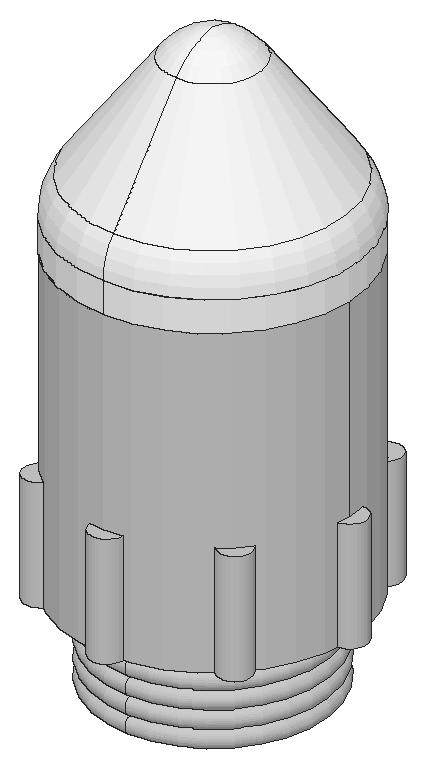
Revit family "5501A_Daylight_Controls", category Communication Devices, host Face, Revit 2014
Parameters (values of type "DLCPCS")
  Warranty = "5-Years Warranty"  # constant formula
  Type Comments = "Daylighting Photocell Sensor"  # constant formula
  Product Page URL = "https://www.hubbell.com/hubbellcontrolsolutions/en/Products/Lighting-Controls/Lighting-Controls-Sensors/Daylight-Harvesting-Controls/Daylighting-Photocell-Sensor/p/220887"
  Product Documentation Link = "https://hubbellcdn.com/specsheet/5501A_Daylighting_Controls_Cutsheet.pdf"
  URL = "https://www.hubbell.com/hubbellcontrolsolutions/en"
  Model = "DLCPCS"
  Manufacturer = "Hubbell Control Solutions"  # constant formula
  Width = 2.00"
  Features = "Multiple sensor options available\r\n• Interfaces with Energy Management Systems\r\n• Five-year limited warranty\r\n• Low voltage device: 24 Vdc\r"  # constant formula
  DLPCA = yes
  DLCPCO = no
  DLCPCI = no
  Certifications = "ETL/UL 916"
  Metal = Gold
  Height = 4.50"
  Gray = Paint - Hubbell - Gray Smooth
  Description = "Our daylighting control photocell sensors (DLCPCI, DLCPCO, DLCPCA and\r\nDLCPCS) provide indoor, outdoor, or skylight control of lighting circuits based on\r\nnatural daylight. The DLCPC sensors and controller are able to provide coverage\r\nfor any application. The DLCPC sensors are used in different locations in and\r\naround a building. Indoor sensors are used in offices and classrooms. Outdoor\r\nsensors detect light for sign and site illumination control. Atrium sensors measure\r\nlight in lobbies. Skylight sensors read the ambient light available in warehouse\r\nskylights."  # constant formula
  Default Elevation = 48.00"
  Create Date = "03/12/2019"
  Copyright = "Copyright © 2019 Hubbell Control Solutions"  # constant formula
  Contact Us = "https://www.hubbell.com/hubbellcontrolsolutions/en/contactUs"
  Sensing Element = Paint - Hubbell - Matte White
  Base Element = yes
  Assembly Code = "D5090"
Types (5): name | Model | DLPCA | DLCPCO | DLCPCI | Base Element
  (no name) | "DLCPCS" | yes | no | no | yes
  DLCPCA | "DLCPCA" | yes | no | no | yes
  DLCPCO | "DLCPCO" | no | yes | no | yes
  DLCPCI | "DLCPCI" | no | no | yes | no
  DLCPCS | "DLCPCS" | yes | no | no | yes
Reference planes (in)
  plane 1 "Center (Front/Back)": y = 13.01342
  plane 2: z = 0
  plane 3 "Center (Left/Right)": x = 0
  plane 4: z = 1.23
Forms (in)
  Extrusion 1, solid, material "Paint - Hubbell - Gray Smooth" <- "Gray", visible <- "Base Element"
    sketch origin (0, 0, 0) x (1, 0, 0) y (0, 1, 0)
      loop
        circle (0, 13.01342) r 0.675
    from 0 to 1.5
  Extrusion 2, solid, material "Paint - Hubbell - Gray Smooth" <- "Gray", visible <- "Base Element"
    sketch origin (0, 0, 0) x (1, 0, 0) y (0, 1, 0)
      loop
        arc (0.06834, 13.68495) -> (-0.01172, 13.76133) -> (-0.08935, 13.68248) r 0.07886
        arc (-0.08935, 13.68248) -> (-0.01058, 13.68834) -> (0.06834, 13.68495) r 0.675
      loop
        arc (0.52317, 13.43994) -> (0.52056, 13.55057) -> (0.40991, 13.5497) r 0.07886
        arc (0.40991, 13.5497) -> (0.46976, 13.49814) -> (0.52317, 13.43994) r 0.675
      loop
        arc (0.67153, 12.94508) -> (0.74791, 13.02514) -> (0.66906, 13.10277) r 0.07886
        arc (0.66906, 13.10277) -> (0.67492, 13.024) -> (0.67153, 12.94508) r 0.675
      loop
        arc (0.42652, 12.49025) -> (0.53715, 12.49285) -> (0.53628, 12.6035) r 0.07886
        arc (0.53628, 12.6035) -> (0.48472, 12.54366) -> (0.42652, 12.49025) r 0.675
      loop
        arc (-0.06834, 12.34189) -> (0.01172, 12.2655) -> (0.08935, 12.34436) r 0.07886
        arc (0.08935, 12.34436) -> (0.01058, 12.3385) -> (-0.06834, 12.34189) r 0.675
      loop
        arc (-0.52317, 12.5869) -> (-0.52056, 12.47627) -> (-0.40991, 12.47714) r 0.07886
        arc (-0.40991, 12.47714) -> (-0.46976, 12.5287) -> (-0.52317, 12.5869) r 0.675
      loop
        arc (-0.67153, 13.08176) -> (-0.74791, 13.00169) -> (-0.66906, 12.92407) r 0.07886
        arc (-0.66906, 12.92407) -> (-0.67492, 13.00284) -> (-0.67153, 13.08176) r 0.675
      loop
        arc (-0.42652, 13.53659) -> (-0.53715, 13.53398) -> (-0.53628, 13.42333) r 0.07886
        arc (-0.53628, 13.42333) -> (-0.48472, 13.48318) -> (-0.42652, 13.53659) r 0.675
    from 0 to 0.551
  Extrusion 3, solid, material "Paint - Hubbell - Gray Smooth" <- "Gray", visible <- "DLCPCO"
    sketch origin (0, 0, 0) x (1, 0, 0) y (0, 1, 0)
      loop
        arc (0.64548, 13.21085) -> (0.00045, 13.68842) -> (-0.64522, 13.21172) r 0.675
        line (-0.64522, 13.21172) -> (-0.61088, 13.21172)
        arc (-0.61088, 13.21172) -> (-0.00262, 13.67056) -> (0.605, 13.21085) r 0.632
        line (0.605, 13.21085) -> (0.64548, 13.21085)
    from 1.5 to 2.18189
  Extrusion 4, void
    sketch origin (0, 13.01342, 0) x (1, 0, 0) y (0, 0, 1)
      loop
        line (0.62985, 1.5) -> (0.67261, 1.5) -> (0.67261, 2.25) -> (-0.675, 2.25) -> (-0.675, 1.5) -> (-0.55004, 1.5) -> (-0.38002, 2.18189) -> (0.35435, 2.18189) -> (0.62985, 1.5)
    from -0.76948 to 1.5
  Revolve 5, solid, material "Paint - Hubbell - Gray Smooth" <- "Gray", visible <- "Base Element"
    sketch origin (0, 0, 0) x (0, 1, 0) y (0, 0, 1)
      loop
        line (13.01342, 0) -> (12.51654, 0)
        arc (12.51654, 0) -> (12.47367, -0.04287) -> (12.51654, -0.08574) r 0.04287
        arc (12.51654, -0.08574) -> (12.47367, -0.12861) -> (12.51654, -0.17148) r 0.04287
        arc (12.51654, -0.17148) -> (12.47367, -0.21435) -> (12.51654, -0.25722) r 0.04287
        arc (12.51654, -0.25722) -> (12.47367, -0.30009) -> (12.51654, -0.34295) r 0.04287
        arc (12.51654, -0.34295) -> (12.47367, -0.38582) -> (12.51654, -0.42869) r 0.04287
        line (12.51654, -0.42869) -> (13.01342, -0.42869) -> (13.01342, 0)
      axis (13.01342, 0) -> (13.01342, -0.42869)
    angle from 0 to 360
  Revolve 6, solid, material "Paint - Hubbell - Matte White" <- "Sensing Element", visible <- "DLPCA"
    sketch origin (0, 0, 0) x (0, 1, 0) y (0, 0, 1)
      loop
        line (13.01342, 1.5) -> (13.01342, 2.47809)
        arc (13.01342, 2.47809) -> (12.88847, 2.43629) -> (12.78978, 2.34898) r 0.33045
        line (12.78978, 2.34898) -> (12.39939, 1.83091)
        arc (12.39939, 1.83091) -> (12.35407, 1.74476) -> (12.33842, 1.64869) r 0.30279
        line (12.33842, 1.64869) -> (12.33842, 1.5) -> (13.01342, 1.5)
      axis (13.01342, 2.47809) -> (13.01342, 1.5)
    angle from 0 to 360
  Revolve 7, solid, material "Paint - Hubbell - Gray Smooth" <- "Gray", visible <- "DLCPCI"
    sketch origin (0, 0, 0) x (0, 1, 0) y (0, 0, 1)
      loop
        line (13.01342, 0) -> (13.01342, 2.00092) -> (12.80048, 2.00092) -> (12.80048, 1.66609) -> (11.96713, 1.64098) -> (11.96713, 1.60888) -> (11.93329, 1.60888) -> (11.93329, 1.48) -> (12.11969, 1.48)
        arc (12.11969, 1.48) -> (12.16466, 1.46137) -> (12.18329, 1.4164) r 0.0636
        line (12.18329, 1.4164) -> (12.18329, 1.29578)
        arc (12.18329, 1.29578) -> (12.19538, 1.23501) -> (12.2298, 1.18349) r 0.1588
        line (12.2298, 1.18349) -> (12.34007, 1.07322)
        arc (12.34007, 1.07322) -> (12.39426, 0.99212) -> (12.41329, 0.89645) r 0.25
        line (12.41329, 0.89645) -> (12.41329, 0) -> (13.01342, 0)
      axis (13.01342, 2.00092) -> (13.01342, 0)
    angle from 0 to 360
  Extrusion 8, solid, material "Paint - Hubbell - Gray Smooth" <- "Gray", visible <- "DLPCA"
    sketch origin (0, 0, 0) x (1, 0, 0) y (0, 1, 0)
      loop
        line (0.18786, 13.66175) -> (0.18786, 13.75663)
        arc (0.18786, 13.75663) -> (0.10216, 13.77415) -> (0.01497, 13.78123) r 0.725
        line (0.01497, 13.78123) -> (0.01497, 13.74929) -> (-0.01603, 13.74929) -> (-0.01603, 13.78121)
        arc (-0.01603, 13.78121) -> (-0.10269, 13.77408) -> (-0.18786, 13.75663) r 0.725
        line (-0.18786, 13.75663) -> (-0.18786, 13.66175)
        arc (-0.18786, 13.66175) -> (0, 13.68842) -> (0.18786, 13.66175) r 0.675
    from 0.61556 to 1.0222
Cuts and joins
  joined: Extrusion 2, Revolve 5
  Extrusion 4 cuts Extrusion 3
Dimensions and locks (in)
  aligned and locked: plane 2 to host face
  aligned and locked: level to host face
Connectors (in)
  electrical at (0, 13.01342, 1.5)
    settings: on cut or joined group of Extrusion 2, Revolve 5, index 1, voltage 0 V, apparent load 0 VA, apparent load phase1 0 VA, apparent load phase2 0 VA, apparent load phase3 0 VA, power factor 1, load classification "Other", number of poles 1, system type 14, power factor state 1, is connector primary yes, connector utility no, sub classification motor no, connector description "Photocell Sensor"
